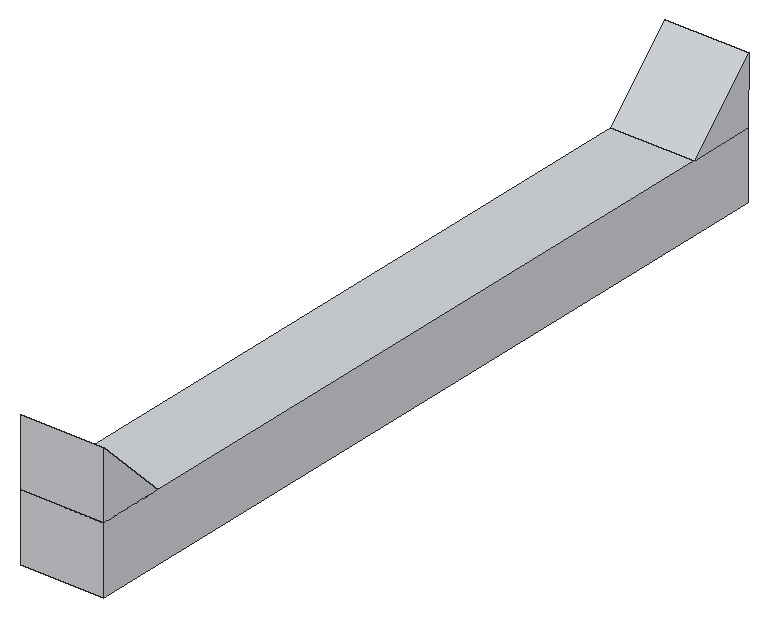
Revit family "CROSS_MEMBER", category Specialty Equipment, Revit 2025
Family settings
  Round Connector Dimension = Use Diameter
  Part Type = Normal
  Work Plane-Based = No
  Enable Cutting in Views = No
  Always vertical = Yes
  Cut with Voids When Loaded = No
  Maintain Annotation Orientation = No
  Shared = No
  Room Calculation Point = No
Parameters
  Default Elevation = 0' - 0"
  CROSS_MEMBER_WIDTH [instance] = 2' - 0"
Reference planes (in)
  plane 1 "Center (Front/Back)": y = 0
  plane 2: z = 0
  plane 3 "Center (Left/Right)": x = 0
  plane 4: z = 30
  plane 5: z = 32
  plane 6: y = -12
  plane 7: y = 12
  plane 8: x = -1.25
  plane 9: x = 1.25
Forms (in)
  Extrusion 1, solid
    sketch origin (0, 0, 0) x (0, 1, 0) y (0, 0, 1)
      loop
        line (-12, 32) -> (-12, 30) -> (12, 30) -> (12, 32) -> (-12, 32)
    from -1.25 to 1.25
  Extrusion 2, solid
    sketch origin (0, 0, 0) x (0, 1, 0) y (0, 0, 1)
      loop
        line (-12, 32) -> (-10, 32) -> (-12, 34) -> (-12, 32)
    from -1.25 to 1.25
  Extrusion 3, solid
    sketch origin (0, 0.25, 0) x (0, -1, 0) y (0, 0, -1)
      loop
        line (-11.75, -32) -> (-11.75, -34) -> (-9.75, -32) -> (-11.75, -32)
    from -1.25 to 1.25
Dimensions and locks (in)
  equal spacing: plane 6, plane 1 "Center (Front/Back)", plane 7
  plane 5 to plane 4 = 0' - 2"
  plane 4 to level = 2' - 6"
  "CROSS_MEMBER_WIDTH": plane 6 to plane 7
  equal spacing: plane 9, plane 3 "Center (Left/Right)", plane 8
  locked: plane 9 to plane 8 at 2.5
  locked: Extrusion 2 sketch curve to Extrusion 2 sketch curve at 2  (x2)
  locked: Extrusion 3 sketch curve to Extrusion 3 sketch curve at 2  (x2)
  locked: plane 7 to Extrusion 3
  locked: Extrusion 3 to plane 5
  Extrusion 2 to plane 5 = 0' - 0"
  locked: Extrusion 1 to Extrusion 2
  aligned and locked: level to plane 2
  aligned and locked: Extrusion 1 sketch curve to plane 5
  aligned and locked: Extrusion 1 sketch curve to plane 6
  aligned and locked: plane 4 to Extrusion 1 sketch curve
  aligned and locked: Extrusion 1 sketch curve to plane 7
  aligned and locked: Extrusion 1 to plane 8
  aligned and locked: plane 9 to Extrusion 1
  aligned and locked: Extrusion 2 to plane 8
  aligned and locked: plane 9 to Extrusion 2
Automatic sketch dimensions
  plane 6 to Extrusion 2 sketch curve = 0' - 0"
  plane 5 to Extrusion 2 sketch curve = 0' - 0"
  plane 5 to Extrusion 3 sketch curve = 0' - 0"
  Extrusion 3 sketch curve to plane 1 "Center (Front/Back)" = 1' - 0"
